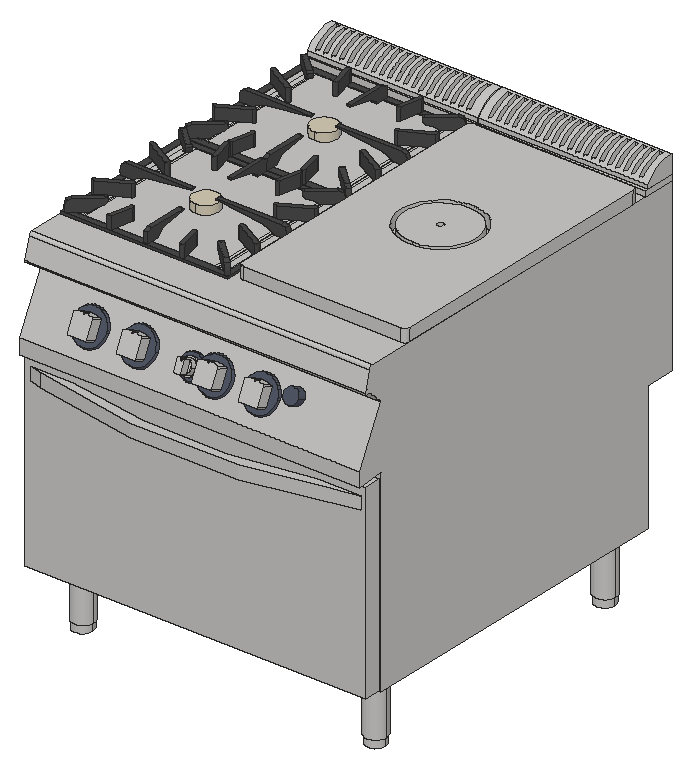
Revit family "QF_ZANUSSI_392020_Z9STGH30G0", category Specialty Equipment, Revit 2018
Family settings
  Round Connector Dimension = Use Diameter
  Part Type = Normal
  Work Plane-Based = No
  Always vertical = Yes
  Cut with Voids When Loaded = No
  Shared = No
  Room Calculation Point = No
Parameters
  Width = 800 mm  # constant formula
  Weight in Pounds = 130  # constant formula
  Weight = 0.00 kg
  Watts = 0 W
  Volts = 0 V
  URL Manufacturer = "http://www.zanussiprofessional.com"
  URL Cutsheet = "www.electrolux.com"
  URL = "http://www.zanussiprofessional.com"
  Type Mark [instance] = ""
  Steam Supply Size = 0"
  Steam Supply Minimum Pressure = 0.00 psi
  Steam Supply Maximum Pressure = 0.00 psi
  Steam Pounds per Hour = 0
  Status [instance] = ""
  Specification by User [instance] = ""
  Specification by Manufacturer = ""
  Show Logo [instance] = yes
  Show Clearance [instance] = yes
  Serial Number = ""
  Seismic Rating = ""
  SMACNA No = ""
  Revision Code [instance] = ""
  Refrigeration Suction Line Size = 0"
  Refrigeration Liquid Line Size = 0"
  Refrigerant Compressor Remote = yes
  Phase = 0
  Omniclass Number and Title = ""
  NAFEM Spec ID Number = ""
  Model = "Z9STGH30G0"
  Mechanical Remarks [instance] = ""
  Mechanical Connection Type [instance] = ""
  Masterspec = ""
  Manufacturer = "Zanussi"
  Length Actual = 800 mm  # constant formula
  Item Number [instance] = "392020"
  Installed By [instance] = ""
  Identify Quantity as Lot [instance] = yes
  Hot Water Size = 0"
  Height Actual = 850 mm  # constant formula
  Height = 909 mm  # constant formula
  HP = "0 HP"
  Gas Size = 12.7 mm  # 1/2"
  Gas RI Height [instance] = 0 mm
  Gas KW [instance] = 30  # constant formula
  Gas Input [instance] = 0.637167 Btu/h
  Gas Connection Height = 0 mm
  Furnished By [instance] = ""
  Foodservice Equipment Identifier [instance] = yes
  Direct Waste Size = 0"
  Description = "GAS SOLID TOP+2 BURNERS+GAS OVEN 800MM"
  Depth Actual = 900 mm  # constant formula
  Depth = 700 mm  # constant formula
  Cycle = 0 Hz
  Condensate Return Size = 0"
  Compressed Air Volume = 0 GPM
  Compressed Air Size = 0"
  Compressed Air Pressure = 0.00 psi
  Cold Water Size = 0"
  CSI MasterFormat = ""
  CSI Master Format = ""
  Assembly Code = ""
  Accessory = yes
Reference planes
  plane 1 "BACK": y = 0
  plane 2: z = 0
  plane 3 "LEFT": x = 0
  plane 4 "RIGHT": x = 800
  plane 5 "FRONT": y = -915
  plane 6 "TOP": z = 908
  plane 7 "Center Y": x = 400
  plane 8 "Center X": y = -457.5
  plane 9 "Base": z = 150
  plane 10: z = 850
  plane 11: y = -126
  plane 12: y = -800
  plane 13: y = -1309
  plane 14: y = -663.871
  plane 15: y = -576
Forms (mm)
  Revolve 1, solid, material "QF_Finishes_Stainless Steel"
    sketch origin (1, -126, 0) x (1, 0, 0) y (0, 0, 1)
      loop
        line (55, 0) -> (55, 150) -> (29.6, 150) -> (29.6, 19.05) -> (32.1, 19.05) -> (32.1, 0) -> (55, 0)
      axis (55, 0) -> (55, 150)
    angle from 0 to 360
  Revolve 2, solid, material "QF_Finishes_Stainless Steel"
    sketch origin (1, -799.458, 0) x (1, 0, 0) y (0, 0, 1)
      loop
        line (55, 0) -> (55, 150) -> (29.6, 150) -> (29.6, 19.05) -> (32.1, 19.05) -> (32.1, 0) -> (55, 0)
      axis (55, 0) -> (55, 150)
    angle from 0 to 360
  Revolve 3, solid, material "QF_Finishes_Stainless Steel"
    sketch origin (799, -126, 0) x (-1, 0, 0) y (0, 0, -1)
      loop
        line (55, 0) -> (32.1, 0) -> (32.1, -19.05) -> (29.6, -19.05) -> (29.6, -150) -> (55, -150) -> (55, 0)
      axis (55, 0) -> (55, -150)
    angle from 0 to 360
  Revolve 4, solid, material "QF_Finishes_Stainless Steel"
    sketch origin (799, -799.458, 0) x (-1, 0, 0) y (0, 0, -1)
      loop
        line (55, 0) -> (32.1, 0) -> (32.1, -19.05) -> (29.6, -19.05) -> (29.6, -150) -> (55, -150) -> (55, 0)
      axis (55, 0) -> (55, -150)
    angle from 0 to 360
  Extrusion 5, solid, material "QF_Finishes_Stainless Steel"
    sketch origin (0, 0, 0) x (0, 1, 0) y (0, 0, 1)
      loop
        line (0, 450.038) -> (0, 850) -> (-879.358, 850)
        arc (-879.358, 850) -> (-884.643, 847.811) -> (-886.833, 842.526) r 7.474
        line (-886.833, 842.526) -> (-899.884, 797.011)
        arc (-899.884, 797.011) -> (-899.396, 794.379) -> (-897, 793.184) r 3
        line (-897, 793.184) -> (-886.802, 793.184) -> (-854.982, 761.364) -> (-915, 640.508) -> (-915, 605.508) -> (-858.645, 613.428)
        arc (-858.645, 613.428) -> (-856.101, 612.674) -> (-855, 610.259) r 3.2
        line (-855, 610.259) -> (-855, 150) -> (-71.437, 150) -> (-71.437, 450.038) -> (0, 450.038)
      loop
        line (-900, 600) -> (-900, 155) -> (-860, 155) -> (-860, 600) -> (-900, 600)
    from 0 to 800
  Extrusion 6, solid, material "QF_Finishes_Stainless Steel"
    sketch origin (0, -199.871, 576.213) x (0, 1, 0) y (0, 0, 1)
      loop
        line (199.871, 273.787) -> (199.871, 288.075) -> (123.671, 288.075) -> (123.671, 273.787) -> (199.871, 273.787)
    from 0 to 800
  Extrusion 7, void
    sketch origin (134.989, 0, 865.138) x (-1, 0, 0) y (0, -1, 0)
      loop
        line (-295.005, 6.761) -> (-285.709, 6.761) -> (-285.709, 63.911) -> (-295.005, 63.911) -> (-295.005, 6.761)
      loop
        line (-313.697, 6.761) -> (-304.401, 6.761) -> (-304.401, 63.911) -> (-313.697, 63.911) -> (-313.697, 6.761)
      loop
        line (-332.39, 6.761) -> (-323.094, 6.761) -> (-323.094, 63.911) -> (-332.39, 63.911) -> (-332.39, 6.761)
      loop
        line (-351.082, 6.761) -> (-341.787, 6.761) -> (-341.787, 63.911) -> (-351.082, 63.911) -> (-351.082, 6.761)
      loop
        line (-369.775, 6.761) -> (-360.479, 6.761) -> (-360.479, 63.911) -> (-369.775, 63.911) -> (-369.775, 6.761)
      loop
        line (-388.468, 6.761) -> (-379.172, 6.761) -> (-379.172, 63.911) -> (-388.468, 63.911) -> (-388.468, 6.761)
      loop
        line (-407.16, 6.761) -> (-397.864, 6.761) -> (-397.864, 63.911) -> (-407.16, 63.911) -> (-407.16, 6.761)
      loop
        line (-425.853, 6.761) -> (-416.557, 6.761) -> (-416.557, 63.911) -> (-425.853, 63.911) -> (-425.853, 6.761)
      loop
        line (-444.545, 6.761) -> (-435.25, 6.761) -> (-435.25, 63.911) -> (-444.545, 63.911) -> (-444.545, 6.761)
      loop
        line (-463.238, 6.761) -> (-453.942, 6.761) -> (-453.942, 63.911) -> (-463.238, 63.911) -> (-463.238, 6.761)
      loop
        line (-481.931, 6.761) -> (-472.635, 6.761) -> (-472.635, 63.911) -> (-481.931, 63.911) -> (-481.931, 6.761)
      loop
        line (-500.623, 6.761) -> (-491.328, 6.761) -> (-491.328, 63.911) -> (-500.623, 63.911) -> (-500.623, 6.761)
      loop
        line (-519.316, 6.761) -> (-510.02, 6.761) -> (-510.02, 63.911) -> (-519.316, 63.911) -> (-519.316, 6.761)
      loop
        line (-538.008, 6.761) -> (-528.713, 6.761) -> (-528.713, 63.911) -> (-538.008, 63.911) -> (-538.008, 6.761)
      loop
        line (-556.701, 6.761) -> (-547.405, 6.761) -> (-547.405, 63.911) -> (-556.701, 63.911) -> (-556.701, 6.761)
      loop
        line (-575.394, 6.761) -> (-566.098, 6.761) -> (-566.098, 63.911) -> (-575.394, 63.911) -> (-575.394, 6.761)
      loop
        line (-594.086, 6.761) -> (-584.791, 6.761) -> (-584.791, 63.911) -> (-594.086, 63.911) -> (-594.086, 6.761)
      loop
        line (-612.779, 6.761) -> (-603.483, 6.761) -> (-603.483, 63.911) -> (-612.779, 63.911) -> (-612.779, 6.761)
      loop
        line (-631.472, 6.761) -> (-622.176, 6.761) -> (-622.176, 63.911) -> (-631.472, 63.911) -> (-631.472, 6.761)
      loop
        line (-650.164, 6.761) -> (-640.868, 6.761) -> (-640.868, 63.911) -> (-650.164, 63.911) -> (-650.164, 6.761)
    from 9.525 to 45.348
  Extrusion 8, solid, material "QF_Finishes_Stainless Steel"
    sketch origin (0, 0, 590.5) x (0, 1, 0) y (0, 0, 1)
      loop
        line (0, 273.788) -> (0, 317.5)
        arc (0, 317.5) -> (-39.072, 308.879) -> (-69.85, 283.313) r 84.854
        line (-69.85, 283.313) -> (-69.85, 273.788) -> (0, 273.788)
    from 400 to 800
  Extrusion 9, solid, material "QF_Finishes_Stainless Steel"
    sketch origin (0, -852.093, 150) x (1, 0, 0) y (0, -1, 0)
      loop
        circle (747.612, -188.222) r 6.4
    from 0 to 21
  Extrusion 10, solid, material "QF_Clearances", visible <- "Show Clearance", detail levels coarse
    sketch origin (0, -199.871, 0) x (1, 0, 0) y (0, 1, 0)
      loop
        line (-100, -715.129) -> (0, -715.129) -> (0, 199.871) -> (800, 199.871) -> (800, -715.129) -> (900, -715.129) -> (900, 299.871) -> (-100, 299.871) -> (-100, -715.129)
    from 0 to 908.85
  Extrusion 11, solid, material "QF_Finishes_Stainless Steel"
    sketch origin (17.4, -199.871, 850.85) x (0, -1, 0) y (1, 0, 0)
      loop
        arc (-99.871, 401.6) -> (-96.151, 392.62) -> (-87.171, 388.9) r 12.7
        line (-87.171, 388.9) -> (568.629, 388.9)
        arc (568.629, 388.9) -> (577.609, 392.62) -> (581.329, 401.6) r 12.7
        line (581.329, 401.6) -> (581.329, 769.9)
        arc (581.329, 769.9) -> (577.609, 778.88) -> (568.629, 782.6) r 12.7
        line (568.629, 782.6) -> (-87.171, 782.6)
        arc (-87.171, 782.6) -> (-96.151, 778.88) -> (-99.871, 769.9) r 12.7
        line (-99.871, 769.9) -> (-99.871, 401.6)
      loop
        circle (233.229, 585.75) r 82.55
      loop
        circle (233.229, 585.75) r 7
      loop
        arc (170.513, 654.365) -> (166.164, 650.514) -> (162.062, 646.399) r 93.382
        arc (162.062, 646.399) -> (199.866, 498.594) -> (325.801, 584.71) r 93.112
        arc (325.801, 584.71) -> (271.009, 670.485) -> (170.513, 654.365) r 92.763
    from 0 to 28.575
  Extrusion 12, solid, material "QF_Finishes_Stainless Steel"
    sketch origin (0, -852.093, 150) x (1, 0, 0) y (0, -1, 0)
      loop
        circle (757, -276.093) r 12.7
    from 0 to 21
  Extrusion 13, void
    sketch origin (665.011, 0, 865.138) x (1, 0, 0) y (0, 1, 0)
      loop
        line (-295.005, -6.761) -> (-295.005, -63.911) -> (-285.709, -63.911) -> (-285.709, -6.761) -> (-295.005, -6.761)
      loop
        line (-313.697, -6.761) -> (-313.697, -63.911) -> (-304.401, -63.911) -> (-304.401, -6.761) -> (-313.697, -6.761)
      loop
        line (-332.39, -6.761) -> (-332.39, -63.911) -> (-323.094, -63.911) -> (-323.094, -6.761) -> (-332.39, -6.761)
      loop
        line (-351.082, -6.761) -> (-351.082, -63.911) -> (-341.787, -63.911) -> (-341.787, -6.761) -> (-351.082, -6.761)
      loop
        line (-369.775, -6.761) -> (-369.775, -63.911) -> (-360.479, -63.911) -> (-360.479, -6.761) -> (-369.775, -6.761)
      loop
        line (-388.468, -6.761) -> (-388.468, -63.911) -> (-379.172, -63.911) -> (-379.172, -6.761) -> (-388.468, -6.761)
      loop
        line (-407.16, -6.761) -> (-407.16, -63.911) -> (-397.864, -63.911) -> (-397.864, -6.761) -> (-407.16, -6.761)
      loop
        line (-425.853, -6.761) -> (-425.853, -63.911) -> (-416.557, -63.911) -> (-416.557, -6.761) -> (-425.853, -6.761)
      loop
        line (-444.545, -6.761) -> (-444.545, -63.911) -> (-435.25, -63.911) -> (-435.25, -6.761) -> (-444.545, -6.761)
      loop
        line (-463.238, -6.761) -> (-463.238, -63.911) -> (-453.942, -63.911) -> (-453.942, -6.761) -> (-463.238, -6.761)
      loop
        line (-481.931, -6.761) -> (-481.931, -63.911) -> (-472.635, -63.911) -> (-472.635, -6.761) -> (-481.931, -6.761)
      loop
        line (-500.623, -6.761) -> (-500.623, -63.911) -> (-491.328, -63.911) -> (-491.328, -6.761) -> (-500.623, -6.761)
      loop
        line (-519.316, -6.761) -> (-519.316, -63.911) -> (-510.02, -63.911) -> (-510.02, -6.761) -> (-519.316, -6.761)
      loop
        line (-538.008, -6.761) -> (-538.008, -63.911) -> (-528.713, -63.911) -> (-528.713, -6.761) -> (-538.008, -6.761)
      loop
        line (-556.701, -6.761) -> (-556.701, -63.911) -> (-547.405, -63.911) -> (-547.405, -6.761) -> (-556.701, -6.761)
      loop
        line (-575.394, -6.761) -> (-575.394, -63.911) -> (-566.098, -63.911) -> (-566.098, -6.761) -> (-575.394, -6.761)
      loop
        line (-594.086, -6.761) -> (-594.086, -63.911) -> (-584.791, -63.911) -> (-584.791, -6.761) -> (-594.086, -6.761)
      loop
        line (-612.779, -6.761) -> (-612.779, -63.911) -> (-603.483, -63.911) -> (-603.483, -6.761) -> (-612.779, -6.761)
      loop
        line (-631.472, -6.761) -> (-631.472, -63.911) -> (-622.176, -63.911) -> (-622.176, -6.761) -> (-631.472, -6.761)
      loop
        line (-650.164, -6.761) -> (-650.164, -63.911) -> (-640.868, -63.911) -> (-640.868, -6.761) -> (-650.164, -6.761)
    from 9.525 to 45.348
  Extrusion 14, solid, material "QF_Finishes_Stainless Steel"
    sketch origin (800, 0, 590.5) x (0, 1, 0) y (0, 0, -1)
      loop
        line (0, -273.788) -> (-69.85, -273.788) -> (-69.85, -283.313)
        arc (-69.85, -283.313) -> (-39.072, -308.879) -> (0, -317.5) r 84.854
        line (0, -317.5) -> (0, -273.788)
    from 400 to 800
  Blend 15, solid, material "QF_Finishes_Navy Blue"
    base sketch origin (435.05, -884.991, 700.936) x (1, 0, 0) y (0, 0.444781, 0.895639)
      loop
        arc (-35.05, -24.037) -> (42.5, 0) -> (-35.05, 24.037) r 42.5
        arc (-35.05, 24.037) -> (-83, 0) -> (-35.05, -24.037) r 30
    top sketch origin (435.05, -884.991, 700.936) x (1, 0, 0) y (0, 0.444781, 0.895639)
      loop
        arc (-34.578, -21.086) -> (40.5, 0) -> (-34.578, 21.086) r 40.5
        arc (-34.578, 21.086) -> (-81, 0) -> (-34.578, -21.086) r 28
    from 0 to 5
  Extrusion 16, solid, material "QF_Finishes_Stainless Steel"
    sketch origin (202.55, -884.991, 700.936) x (1, 0, 0) y (0, 0.444781, 0.895639)
      loop
        circle (177.499, -0.341) r 20
    from 5 to 10
  Extrusion 17, solid, material "QF_Finishes_Stainless Steel"
    sketch origin (202.55, -884.991, 700.936) x (1, 0, 0) y (0, 0.444781, 0.895639)
      loop
        arc (211.353, 22.789) -> (210.006, 21.685) -> (209.5, 20.019) r 2.997
        line (209.5, 20.019) -> (209.5, -20.019)
        arc (209.5, -20.019) -> (210.378, -22.138) -> (212.497, -23.016) r 2.997
        line (212.497, -23.016) -> (252.503, -23.016)
        arc (252.503, -23.016) -> (254.622, -22.138) -> (255.5, -20.019) r 2.997
        line (255.5, -20.019) -> (255.5, 20.019)
        arc (255.5, 20.019) -> (254.994, 21.685) -> (253.647, 22.789) r 2.997
        arc (253.647, 22.789) -> (232.5, 26.984) -> (211.353, 22.789) r 55.4
    from 5 to 34
  Extrusion 18, solid, material "QF_Finishes_Stainless Steel"
    sketch origin (202.55, -884.991, 700.936) x (1, 0, 0) y (0, 0.444781, 0.895639)
      loop
        circle (177.499, -0.341) r 16
    from 10 to 40
  Extrusion 19, void
    sketch origin (435.05, -884.991, 700.936) x (1, 0, 0) y (0, -0.895639, 0.444781)
      loop
        line (-62.999, 24.837) -> (-62.999, 40) -> (-71.893, 40) -> (-71.893, 22) -> (-65.835, 22)
        arc (-65.835, 22) -> (-63.827, 22.828) -> (-62.999, 24.837) r 2.827
      loop
        arc (-47.003, 24.837) -> (-46.175, 22.828) -> (-44.167, 22) r 2.827
        line (-44.167, 22) -> (-38.109, 22) -> (-38.109, 40) -> (-47.003, 40) -> (-47.003, 24.837)
    from -20.019 to 20.019
  Extrusion 20, solid, material "QF_Plastic-Black-Matte"
    sketch origin (492.55, -884.991, 700.936) x (0, 0.444781, 0.895639) y (0, -0.895639, 0.444781)
      loop
        line (26.984, 34) -> (26.984, 19) -> (27.984, 19) -> (27.984, 34)
        arc (27.984, 34) -> (27.691, 34.707) -> (26.984, 35) r 1
        line (26.984, 35) -> (23.984, 35) -> (23.984, 34) -> (26.984, 34)
    from -58.5 to -56.5
  Extrusion 21, solid, material "QF_Plastic-Black-Matte"
    sketch origin (380.048, -1018.425, 432.244) x (0, -0.444781, -0.895639) y (0, -0.895639, 0.444781)
      loop
        line (-310.284, 39.984) -> (-310.284, 40.984) -> (-312.9, 40.984)
        arc (-312.9, 40.984) -> (-315.562, 39.882) -> (-316.664, 37.22) r 3.764
        line (-316.664, 37.22) -> (-316.664, 25.027) -> (-315.664, 25.027) -> (-315.664, 37.22)
        arc (-315.664, 37.22) -> (-314.855, 39.175) -> (-312.9, 39.984) r 2.764
        line (-312.9, 39.984) -> (-310.284, 39.984)
    from 1 to -1
  Extrusion 22, solid, material "QF_Finishes_Navy Blue"
    sketch origin (677.524, -876.095, 718.849) x (1, 0, 0) y (0, 0.444781, 0.895639)
      loop
        circle (-55.001, 0) r 18
    from 3 to 23
  Extrusion 23, solid, material "QF_Finishes_Stainless Steel"
    sketch origin (538.523, -876.095, 718.849) x (1, 0, 0) y (0, 0.444781, 0.895639)
      loop
        circle (84, 0) r 15
    from 3 to 0
  Blend 24, solid, material "QF_Finishes_Navy Blue"
    base sketch origin (142.5, -884.991, 700.936) x (1, 0, 0) y (0, 0.444781, 0.895639)
      loop
        circle (0, 0) r 42.5
    top sketch origin (142.5, -884.991, 700.936) x (1, 0, 0) y (0, 0.444781, 0.895639)
      loop
        circle (0, 0) r 40.5
    from 0 to 5
  Extrusion 25, solid, material "QF_Finishes_Stainless Steel"
    sketch origin (142.5, -884.991, 700.936) x (1, 0, 0) y (0, 0.444781, 0.895639)
      loop
        arc (-21.147, 22.789) -> (-22.494, 21.685) -> (-23, 20.019) r 2.997
        line (-23, 20.019) -> (-23, -20.019)
        arc (-23, -20.019) -> (-22.122, -22.138) -> (-20.003, -23.016) r 2.997
        line (-20.003, -23.016) -> (20.003, -23.016)
        arc (20.003, -23.016) -> (22.122, -22.138) -> (23, -20.019) r 2.997
        line (23, -20.019) -> (23, 20.019)
        arc (23, 20.019) -> (22.494, 21.685) -> (21.147, 22.789) r 2.997
        arc (21.147, 22.789) -> (0, 26.984) -> (-21.147, 22.789) r 55.4
    from 10 to 34
  Extrusion 26, solid, material "QF_Plastic-Black-Matte"
    sketch origin (200, -884.991, 700.936) x (0, 0.444781, 0.895639) y (0, -0.895639, 0.444781)
      loop
        line (26.984, 34) -> (26.984, 19) -> (27.984, 19) -> (27.984, 34)
        arc (27.984, 34) -> (27.691, 34.707) -> (26.984, 35) r 1
        line (26.984, 35) -> (23.984, 35) -> (23.984, 34) -> (26.984, 34)
    from -58.5 to -56.5
  Extrusion 27, solid, material "QF_Finishes_Stainless Steel"
    sketch origin (142.5, -884.991, 700.936) x (1, 0, 0) y (0, 0.444781, 0.895639)
      loop
        line (17.5, 17.5) -> (-17.5, 17.5) -> (-17.5, -17.5) -> (17.5, -17.5) -> (17.5, 17.5)
    from 5 to 10
  Extrusion 28, solid, material "QF_Plastic-Black-Matte"
    sketch origin (200, -884.991, 700.936) x (0, 0.444781, 0.895639) y (0, 0.895639, -0.444781)
      loop
        line (26.984, -34) -> (23.984, -34) -> (23.984, -35) -> (26.984, -35)
        arc (26.984, -35) -> (27.691, -34.707) -> (27.984, -34) r 1
        line (27.984, -34) -> (27.984, -19) -> (26.984, -19) -> (26.984, -34)
    from -58.5 to -56.5
  Extrusion 29, solid, material "QF_Finishes_Stainless Steel"
    sketch origin (257.5, -884.991, 700.936) x (-1, 0, 0) y (0, -0.444781, -0.895639)
      loop
        line (17.5, -17.5) -> (17.5, 17.5) -> (-17.5, 17.5) -> (-17.5, -17.5) -> (17.5, -17.5)
    from 5 to 10
  Blend 30, solid, material "QF_Finishes_Navy Blue"
    base sketch origin (257.5, -884.991, 700.936) x (1, 0, 0) y (0, 0.444781, 0.895639)
      loop
        circle (0, 0) r 42.5
    top sketch origin (257.5, -884.991, 700.936) x (1, 0, 0) y (0, 0.444781, 0.895639)
      loop
        circle (0, 0) r 40.5
    from 0 to 5
  Extrusion 31, solid, material "QF_Finishes_Stainless Steel"
    sketch origin (257.5, -884.991, 700.936) x (-1, 0, 0) y (0, -0.444781, -0.895639)
      loop
        arc (-21.147, -22.789) -> (0, -26.984) -> (21.147, -22.789) r 55.4
        arc (21.147, -22.789) -> (22.494, -21.685) -> (23, -20.019) r 2.997
        line (23, -20.019) -> (23, 20.019)
        arc (23, 20.019) -> (22.122, 22.138) -> (20.003, 23.016) r 2.997
        line (20.003, 23.016) -> (-20.003, 23.016)
        arc (-20.003, 23.016) -> (-22.122, 22.138) -> (-23, 20.019) r 2.997
        line (-23, 20.019) -> (-23, -20.019)
        arc (-23, -20.019) -> (-22.494, -21.685) -> (-21.147, -22.789) r 2.997
    from 10 to 34
  Extrusion 32, solid, material "QF_Finishes_Stainless Steel"
    sketch origin (0, -1051.437, 140.616) x (1, 0, 0) y (0, -1, 0)
      loop
        circle (757.1, -277.437) r 6.4
    from 0 to 3.2
  Extrusion 33, solid, material "QF_Finishes_Door Clearance", visible <- "Show Clearance", detail levels coarse
    sketch origin (0, -200, 0) x (0, 1, 0) y (0, 0, 1)
      loop
        arc (-700, 600) -> (-991.621, 457.58) -> (-1108.972, 155) r 445
        line (-1108.972, 155) -> (-700, 155) -> (-700, 600)
    from 0 to 800
  Extrusion 34, solid, material "QF_Finishes_Stainless Steel"
    sketch origin (0, -200, 150) x (-1, 0, 0) y (0, -1, 0)
      loop
        line (-790, 700) -> (-696.395, 700)
        arc (-696.395, 700) -> (-400, 735) -> (-103.605, 700) r 1272.5
        line (-103.605, 700) -> (-10, 700)
        arc (-10, 700) -> (-27.217, 705.295) -> (-44.506, 710.35) r 1297.5
        arc (-44.506, 710.35) -> (-418.013, 759.875) -> (-790, 700) r 1297.5
    from 400 to 430
  Blend 35, solid, material "QF_Finishes_Navy Blue"
    base sketch origin (544.55, -884.991, 700.936) x (1, 0, 0) y (0, 0.444781, 0.895639)
      loop
        circle (0, 0) r 42.5
    top sketch origin (544.55, -884.991, 700.936) x (1, 0, 0) y (0, 0.444781, 0.895639)
      loop
        circle (0, 0) r 40.5
    from 0 to 5
  Extrusion 36, solid, material "QF_Finishes_Stainless Steel"
    sketch origin (544.55, -884.991, 700.936) x (1, 0, 0) y (0, 0.444781, 0.895639)
      loop
        arc (-21.147, 22.789) -> (-22.494, 21.685) -> (-23, 20.019) r 2.997
        line (-23, 20.019) -> (-23, -20.019)
        arc (-23, -20.019) -> (-22.122, -22.138) -> (-20.003, -23.016) r 2.997
        line (-20.003, -23.016) -> (20.003, -23.016)
        arc (20.003, -23.016) -> (22.122, -22.138) -> (23, -20.019) r 2.997
        line (23, -20.019) -> (23, 20.019)
        arc (23, 20.019) -> (22.494, 21.685) -> (21.147, 22.789) r 2.997
        arc (21.147, 22.789) -> (0, 26.984) -> (-21.147, 22.789) r 55.4
    from 10 to 34
  Extrusion 37, solid, material "QF_Plastic-Black-Matte"
    sketch origin (602.05, -884.991, 700.936) x (0, 0.444781, 0.895639) y (0, -0.895639, 0.444781)
      loop
        line (26.984, 34) -> (26.984, 19) -> (27.984, 19) -> (27.984, 34)
        arc (27.984, 34) -> (27.691, 34.707) -> (26.984, 35) r 1
        line (26.984, 35) -> (23.984, 35) -> (23.984, 34) -> (26.984, 34)
    from -58.5 to -56.5
  Extrusion 38, solid, material "QF_Finishes_Stainless Steel"
    sketch origin (544.55, -884.991, 700.936) x (1, 0, 0) y (0, 0.444781, 0.895639)
      loop
        line (17.5, 17.5) -> (-17.5, 17.5) -> (-17.5, -17.5) -> (17.5, -17.5) -> (17.5, 17.5)
    from 5 to 10
Cuts and joins
  Extrusion 7, Extrusion 13 cuts Extrusion 8
  Extrusion 13 cuts Extrusion 14
  Extrusion 19 cuts Extrusion 18
Lines and regions (mm)
  Split face 1
    outline origin (435.05, -889.469, 703.16) x (1, 0, 0) y (0, 0.444781, 0.895639)
      loop
        circle (0, 33) r 1
  Split face 2
    outline origin (435.05, -889.469, 703.16) x (1, 0, 0) y (0, 0.444781, 0.895639)
      loop
        circle (-8.541, 31.876) r 1
  Split face 3
    outline origin (435.05, -889.469, 703.16) x (1, 0, 0) y (0, 0.444781, 0.895639)
      loop
        circle (-16.5, 28.579) r 1
  Split face 4
    outline origin (435.05, -889.469, 703.16) x (1, 0, 0) y (0, 0.444781, 0.895639)
      loop
        circle (-23.335, 23.335) r 1
  Split face 5
    outline origin (435.05, -889.469, 703.16) x (1, 0, 0) y (0, 0.444781, 0.895639)
      loop
        circle (-28.579, 16.5) r 1
  Split face 6
    outline origin (435.05, -889.469, 703.16) x (1, 0, 0) y (0, 0.444781, 0.895639)
      loop
        circle (-31.876, 8.541) r 1
  Split face 7
    outline origin (435.05, -889.469, 703.16) x (1, 0, 0) y (0, 0.444781, 0.895639)
      loop
        circle (-33, 0) r 1
  Split face 8
    outline origin (435.05, -889.469, 703.16) x (-1, 0, 0) y (0, 0.444781, 0.895639)
      loop
        circle (-8.541, 31.876) r 1
  Split face 9
    outline origin (435.05, -889.469, 703.16) x (-1, 0, 0) y (0, 0.444781, 0.895639)
      loop
        circle (-16.5, 28.579) r 1
  Split face 10
    outline origin (435.05, -889.469, 703.16) x (-1, 0, 0) y (0, 0.444781, 0.895639)
      loop
        circle (-23.335, 23.335) r 1
  Split face 11
    outline origin (435.05, -889.469, 703.16) x (-1, 0, 0) y (0, 0.444781, 0.895639)
      loop
        circle (-28.579, 16.5) r 1
  Split face 12
    outline origin (435.05, -889.469, 703.16) x (-1, 0, 0) y (0, 0.444781, 0.895639)
      loop
        circle (-31.876, 8.541) r 1
  Split face 13
    outline origin (435.05, -889.469, 703.16) x (1, 0, 0) y (0, -0.444781, -0.895639)
      loop
        circle (0, 33) r 1
  Split face 14
    outline origin (435.05, -889.469, 703.16) x (1, 0, 0) y (0, -0.444781, -0.895639)
      loop
        circle (-8.541, 31.876) r 1
  Split face 15
    outline origin (435.05, -889.469, 703.16) x (1, 0, 0) y (0, -0.444781, -0.895639)
      loop
        circle (-16.5, 28.579) r 1
  Split face 16
    outline origin (435.05, -889.469, 703.16) x (1, 0, 0) y (0, -0.444781, -0.895639)
      loop
        circle (-23.335, 23.335) r 1
  Split face 17
    outline origin (435.05, -889.469, 703.16) x (1, 0, 0) y (0, -0.444781, -0.895639)
      loop
        circle (-28.579, 16.5) r 1
  Split face 18
    outline origin (435.05, -889.469, 703.16) x (1, 0, 0) y (0, -0.444781, -0.895639)
      loop
        circle (-31.876, 8.541) r 1
  Split face 19
    outline origin (435.05, -889.469, 703.16) x (-1, 0, 0) y (0, -0.444781, -0.895639)
      loop
        circle (-8.541, 31.876) r 1
  Split face 20
    outline origin (435.05, -889.469, 703.16) x (-1, 0, 0) y (0, -0.444781, -0.895639)
      loop
        circle (-16.5, 28.579) r 1
  Split face 21
    outline origin (435.05, -889.469, 703.16) x (-1, 0, 0) y (0, -0.444781, -0.895639)
      loop
        circle (-23.335, 23.335) r 1
  Split face 22
    outline origin (435.05, -889.469, 703.16) x (-1, 0, 0) y (0, -0.444781, -0.895639)
      loop
        circle (-28.579, 16.5) r 1
  Split face 23
    outline origin (435.05, -889.469, 703.16) x (-1, 0, 0) y (0, -0.444781, -0.895639)
      loop
        circle (-31.876, 8.541) r 1
  Split face 24
    outline origin (435.05, -889.469, 703.16) x (1, 0, 0) y (0, 0.444781, 0.895639)
      loop
        circle (33, 0) r 1
  Split face 25
    outline origin (435.05, -889.469, 703.16) x (1, 0, 0) y (0, 0.444781, 0.895639)
      loop
        circle (-55.001, 22) r 1.508
  Split face 26
    outline origin (436.176, -885.216, 711.725) x (1, 0, 0) y (0, 0.444781, 0.895639)
      loop
        circle (-77.001, 0) r 1.343
  Split face 27
    outline origin (435.05, -889.469, 703.16) x (1, 0, 0) y (0, 0.444781, 0.895639)
      loop
        line (-56.273, -20.786) -> (-56.273, -25.164) -> (-53.729, -25.164) -> (-53.729, -20.786) -> (-56.273, -20.786)
  Split face 28
    outline origin (435.05, -889.469, 703.16) x (1, 0, 0) y (0, 0.444781, 0.895639)
      loop
        line (-70.261, 16.732) -> (-67.433, 19.559) -> (-71.077, 17.548) -> (-70.261, 16.732)
  Split face 29
    outline origin (142.5, -889.469, 703.16) x (1, 0, 0) y (0, 0.444781, 0.895639)
      loop
        circle (-33, 0) r 3
  Split face 30
    outline origin (263.401, -889.469, 703.16) x (1, 0, 0) y (0, 0.444781, 0.895639)
      loop
        line (-8.901, 38.561) -> (-8.901, 28.561) -> (-2.901, 28.561) -> (-2.901, 38.561) -> (-8.901, 38.561)
  Split face 31
    outline origin (263.401, -889.469, 703.16) x (1, 0, 0) y (0, 0.444781, 0.895639)
      loop
        line (-8.401, 38.061) -> (-8.401, 29.061) -> (-3.401, 29.061) -> (-3.401, 38.061) -> (-8.401, 38.061)
  Split face 32
    outline origin (263.401, -889.469, 703.16) x (1, 0, 0) y (0, 0.444781, 0.895639)
      loop
        line (-8.401, 33.561) -> (-3.401, 33.561)
  Split face 33
    outline origin (263.401, -889.469, 703.16) x (1, 0, 0) y (0, 0.444781, 0.895639)
      loop
        line (-8.401, 33.061) -> (-3.401, 33.061)
  Split face 34
    outline origin (148.401, -889.469, 703.16) x (1, 0, 0) y (0, 0.444781, 0.895639)
      loop
        line (-8.901, 38.561) -> (-8.901, 28.561) -> (-2.901, 28.561) -> (-2.901, 38.561) -> (-8.901, 38.561)
  Split face 35
    outline origin (148.401, -889.469, 703.16) x (1, 0, 0) y (0, 0.444781, 0.895639)
      loop
        line (-8.401, 38.061) -> (-8.401, 29.061) -> (-3.401, 29.061) -> (-3.401, 38.061) -> (-8.401, 38.061)
  Split face 36
    outline origin (148.401, -889.469, 703.16) x (1, 0, 0) y (0, 0.444781, 0.895639)
      loop
        line (-8.401, 34.061) -> (-3.401, 34.061)
  Split face 37
    outline origin (148.401, -889.469, 703.16) x (1, 0, 0) y (0, 0.444781, 0.895639)
      loop
        line (-8.401, 33.561) -> (-3.401, 33.561)
  Split face 38
    outline origin (168.157, -875.159, 731.975) x (-1, 0, 0) y (0, -0.444781, -0.895639)
      loop
        circle (43.456, 61.543) r 1.5
  Split face 39
    outline origin (148.401, -889.469, 703.16) x (1, 0, 0) y (0, 0.444781, 0.895639)
      loop
        circle (-5.901, 31.311) r 2.029
  Split face 40
    outline origin (263.401, -889.469, 703.16) x (1, 0, 0) y (0, 0.444781, 0.895639)
      loop
        circle (-5.901, 35.811) r 2.031
  Split face 41
    outline origin (142.5, -889.469, 703.16) x (1, 0, 0) y (0, 0.444781, 0.895639)
      loop
        circle (-24.487, 26.694) r 3.497
  Split face 42
    outline origin (257.5, -889.469, 703.16) x (1, 0, 0) y (0, 0.444781, 0.895639)
      loop
        circle (-24.487, 26.694) r 3.497
  Split face 43
    outline origin (257.5, -889.469, 703.16) x (1, 0, 0) y (0, 0.444781, 0.895639)
      loop
        circle (-33, 0) r 3
  Split face 44
    outline origin (257.5, -889.469, 703.16) x (1, 0, 0) y (0, 0.444781, 0.895639)
      loop
        circle (-17.8, -29.371) r 1.5
  Split face 45
    outline origin (544.55, -889.469, 703.16) x (1, 0, 0) y (0, 0.444781, 0.895639)
      loop
        circle (-33, 0) r 3
  Split face 46
    outline origin (550.45, -889.469, 703.16) x (1, 0, 0) y (0, 0.444781, 0.895639)
      loop
        line (-8.901, 38.561) -> (-8.901, 28.561) -> (-2.901, 28.561) -> (-2.901, 38.561) -> (-8.901, 38.561)
  Split face 47
    outline origin (550.45, -889.469, 703.16) x (1, 0, 0) y (0, 0.444781, 0.895639)
      loop
        line (-8.401, 38.061) -> (-8.401, 29.061) -> (-3.401, 29.061) -> (-3.401, 38.061) -> (-8.401, 38.061)
  Split face 48
    outline origin (550.45, -889.469, 703.16) x (1, 0, 0) y (0, 0.444781, 0.895639)
      loop
        line (-8.401, 34.061) -> (-3.401, 34.061)
  Split face 49
    outline origin (550.45, -889.469, 703.16) x (1, 0, 0) y (0, 0.444781, 0.895639)
      loop
        line (-8.401, 33.561) -> (-3.401, 33.561)
  Split face 50
    outline origin (570.206, -875.159, 731.975) x (-1, 0, 0) y (0, -0.444781, -0.895639)
      loop
        circle (43.456, 61.543) r 1.5
  Split face 51
    outline origin (550.45, -889.469, 703.16) x (1, 0, 0) y (0, 0.444781, 0.895639)
      loop
        circle (-5.901, 31.311) r 2.029
  Split face 52
    outline origin (544.55, -889.469, 703.16) x (1, 0, 0) y (0, 0.444781, 0.895639)
      loop
        circle (-24.487, 26.694) r 3.497
  symbolic lines, style "QF_Door-Drawer Clearances"
    curve 1: line (0, -915, 150) -> (0, -1308.871, 150)
    curve 2: line (0, -1308.871, 150) -> (800, -1308.871, 150)
    curve 3: line (800, -1308.871, 150) -> (800, -915, 150)
  symbolic lines
    curve 4: line (0, 0, 150) -> (0, -915, 150)
    curve 5: line (0, -69.85, 150) -> (800, -69.85, 150)
    curve 6: line (0, -76.2, 150) -> (800, -76.2, 150)
    curve 7: line (800, -915, 150) -> (800, 0, 150)
    curve 8: line (0, 0, 150) -> (800, 0, 150)
    curve 9: line (429.994, -6.761, 150) -> (429.994, -63.911, 150)
    curve 10: line (429.994, -63.911, 150) -> (420.698, -63.911, 150)
    curve 11: line (420.698, -63.911, 150) -> (420.698, -6.761, 150)
    curve 12: line (420.698, -6.761, 150) -> (429.994, -6.761, 150)
    curve 13: line (635.612, -6.761, 150) -> (635.612, -63.911, 150)
    curve 14: line (635.612, -63.911, 150) -> (626.317, -63.911, 150)
    curve 15: line (626.317, -63.911, 150) -> (626.317, -6.761, 150)
    curve 16: line (626.317, -6.761, 150) -> (635.612, -6.761, 150)
    curve 17: line (616.92, -6.761, 150) -> (616.92, -63.911, 150)
    curve 18: line (616.92, -63.911, 150) -> (607.624, -63.911, 150)
    curve 19: line (607.624, -63.911, 150) -> (607.624, -6.761, 150)
    curve 20: line (607.624, -6.761, 150) -> (616.92, -6.761, 150)
    curve 21: line (598.227, -6.761, 150) -> (598.227, -63.911, 150)
    curve 22: line (598.227, -63.911, 150) -> (588.931, -63.911, 150)
    curve 23: line (588.931, -63.911, 150) -> (588.931, -6.761, 150)
    curve 24: line (588.931, -6.761, 150) -> (598.227, -6.761, 150)
    curve 25: line (579.534, -6.761, 150) -> (579.534, -63.911, 150)
    curve 26: line (579.534, -63.911, 150) -> (570.239, -63.911, 150)
    curve 27: line (570.239, -63.911, 150) -> (570.239, -6.761, 150)
    curve 28: line (570.239, -6.761, 150) -> (579.534, -6.761, 150)
    curve 29: line (560.842, -6.761, 150) -> (560.842, -63.911, 150)
    curve 30: line (560.842, -63.911, 150) -> (551.546, -63.911, 150)
    curve 31: line (551.546, -63.911, 150) -> (551.546, -6.761, 150)
    curve 32: line (551.546, -6.761, 150) -> (560.842, -6.761, 150)
    curve 33: line (542.149, -6.761, 150) -> (542.149, -63.911, 150)
    curve 34: line (542.149, -63.911, 150) -> (532.854, -63.911, 150)
    curve 35: line (532.854, -63.911, 150) -> (532.854, -6.761, 150)
    curve 36: line (532.854, -6.761, 150) -> (542.149, -6.761, 150)
    curve 37: line (523.457, -6.761, 150) -> (523.457, -63.911, 150)
    curve 38: line (523.457, -63.911, 150) -> (514.161, -63.911, 150)
    curve 39: line (514.161, -63.911, 150) -> (514.161, -6.761, 150)
    curve 40: line (514.161, -6.761, 150) -> (523.457, -6.761, 150)
    curve 41: line (504.764, -6.761, 150) -> (504.764, -63.911, 150)
    curve 42: line (504.764, -63.911, 150) -> (495.468, -63.911, 150)
    curve 43: line (495.468, -63.911, 150) -> (495.468, -6.761, 150)
    curve 44: line (495.468, -6.761, 150) -> (504.764, -6.761, 150)
    curve 45: line (486.071, -6.761, 150) -> (486.071, -63.911, 150)
    curve 46: line (486.071, -63.911, 150) -> (476.776, -63.911, 150)
    curve 47: line (476.776, -63.911, 150) -> (476.776, -6.761, 150)
    curve 48: line (476.776, -6.761, 150) -> (486.071, -6.761, 150)
    curve 49: line (467.379, -6.761, 150) -> (467.379, -63.911, 150)
    curve 50: line (467.379, -63.911, 150) -> (458.083, -63.911, 150)
    curve 51: line (458.083, -63.911, 150) -> (458.083, -6.761, 150)
    curve 52: line (458.083, -6.761, 150) -> (467.379, -6.761, 150)
    curve 53: line (448.686, -6.761, 150) -> (448.686, -63.911, 150)
    curve 54: line (448.686, -63.911, 150) -> (439.39, -63.911, 150)
    curve 55: line (439.39, -63.911, 150) -> (439.39, -6.761, 150)
    curve 56: line (439.39, -6.761, 150) -> (448.686, -6.761, 150)
    curve 57: line (785.153, -6.761, 150) -> (785.153, -63.911, 150)
    curve 58: line (785.153, -63.911, 150) -> (775.857, -63.911, 150)
    curve 59: line (775.857, -63.911, 150) -> (775.857, -6.761, 150)
    curve 60: line (775.857, -6.761, 150) -> (785.153, -6.761, 150)
    curve 61: line (766.461, -6.761, 150) -> (766.461, -63.911, 150)
    curve 62: line (766.461, -63.911, 150) -> (757.165, -63.911, 150)
    curve 63: line (757.165, -63.911, 150) -> (757.165, -6.761, 150)
    curve 64: line (757.165, -6.761, 150) -> (766.461, -6.761, 150)
    curve 65: line (747.768, -6.761, 150) -> (747.768, -63.911, 150)
    curve 66: line (747.768, -63.911, 150) -> (738.472, -63.911, 150)
    curve 67: line (738.472, -63.911, 150) -> (738.472, -6.761, 150)
    curve 68: line (738.472, -6.761, 150) -> (747.768, -6.761, 150)
    curve 69: line (729.075, -6.761, 150) -> (729.075, -63.911, 150)
    curve 70: line (729.075, -63.911, 150) -> (719.78, -63.911, 150)
    curve 71: line (719.78, -63.911, 150) -> (719.78, -6.761, 150)
    curve 72: line (719.78, -6.761, 150) -> (729.075, -6.761, 150)
    curve 73: line (710.383, -6.761, 150) -> (710.383, -63.911, 150)
    curve 74: line (710.383, -63.911, 150) -> (701.087, -63.911, 150)
    curve 75: line (701.087, -63.911, 150) -> (701.087, -6.761, 150)
    curve 76: line (701.087, -6.761, 150) -> (710.383, -6.761, 150)
    curve 77: line (691.69, -6.761, 150) -> (691.69, -63.911, 150)
    curve 78: line (691.69, -63.911, 150) -> (682.394, -63.911, 150)
    curve 79: line (682.394, -63.911, 150) -> (682.394, -6.761, 150)
    curve 80: line (682.394, -6.761, 150) -> (691.69, -6.761, 150)
    curve 81: line (672.998, -6.761, 150) -> (672.998, -63.911, 150)
    curve 82: line (672.998, -63.911, 150) -> (663.702, -63.911, 150)
    curve 83: line (663.702, -63.911, 150) -> (663.702, -6.761, 150)
    curve 84: line (663.702, -6.761, 150) -> (672.998, -6.761, 150)
    curve 85: line (654.305, -6.761, 150) -> (654.305, -63.911, 150)
    curve 86: line (654.305, -63.911, 150) -> (645.009, -63.911, 150)
    curve 87: line (645.009, -63.911, 150) -> (645.009, -6.761, 150)
    curve 88: line (645.009, -6.761, 150) -> (654.305, -6.761, 150)
    curve 92: line (400, -69.85, 150) -> (400, 0, 150)
    curve 93: line (800, -69.85, 150) -> (800, 0, 150)
    curve 94: line (406.3, -112.7, 150) -> (406.3, -768.5, 150)
    curve 95: arc (406.3, -768.5, 150) -> (410.02, -777.48, 150) -> (419, -781.2, 150) r 12.7
    curve 96: line (419, -781.2, 150) -> (752.3, -781.2, 150)
    curve 97: line (752.3, -100, 150) -> (419, -100, 150)
    curve 98: arc (419, -100, 150) -> (410.02, -103.72, 150) -> (406.3, -112.7, 150) r 12.7
    curve 99: line (765, -768.5, 150) -> (765, -112.7, 150)
    curve 100: arc (765, -112.7, 150) -> (761.28, -103.72, 150) -> (752.3, -100, 150) r 12.7
    curve 101: arc (752.3, -781.2, 150) -> (761.28, -777.48, 150) -> (765, -768.5, 150) r 12.7
    curve 102: line (370.006, -6.761, 150) -> (370.006, -63.911, 150)
    curve 103: line (370.006, -63.911, 150) -> (379.302, -63.911, 150)
    curve 104: line (379.302, -63.911, 150) -> (379.302, -6.761, 150)
    curve 105: line (379.302, -6.761, 150) -> (370.006, -6.761, 150)
    curve 106: line (164.388, -6.761, 150) -> (164.388, -63.911, 150)
    curve 107: line (164.388, -63.911, 150) -> (173.683, -63.911, 150)
    curve 108: line (173.683, -63.911, 150) -> (173.683, -6.761, 150)
    curve 109: line (173.683, -6.761, 150) -> (164.388, -6.761, 150)
    curve 110: line (183.08, -6.761, 150) -> (183.08, -63.911, 150)
    curve 111: line (183.08, -63.911, 150) -> (192.376, -63.911, 150)
    curve 112: line (192.376, -63.911, 150) -> (192.376, -6.761, 150)
    curve 113: line (192.376, -6.761, 150) -> (183.08, -6.761, 150)
    curve 114: line (201.773, -6.761, 150) -> (201.773, -63.911, 150)
    curve 115: line (201.773, -63.911, 150) -> (211.069, -63.911, 150)
    curve 116: line (211.069, -63.911, 150) -> (211.069, -6.761, 150)
    curve 117: line (211.069, -6.761, 150) -> (201.773, -6.761, 150)
    curve 118: line (220.466, -6.761, 150) -> (220.466, -63.911, 150)
    curve 119: line (220.466, -63.911, 150) -> (229.761, -63.911, 150)
    curve 120: line (229.761, -63.911, 150) -> (229.761, -6.761, 150)
    curve 121: line (229.761, -6.761, 150) -> (220.466, -6.761, 150)
    curve 122: line (239.158, -6.761, 150) -> (239.158, -63.911, 150)
    curve 123: line (239.158, -63.911, 150) -> (248.454, -63.911, 150)
    curve 124: line (248.454, -63.911, 150) -> (248.454, -6.761, 150)
    curve 125: line (248.454, -6.761, 150) -> (239.158, -6.761, 150)
    curve 126: line (257.851, -6.761, 150) -> (257.851, -63.911, 150)
    curve 127: line (257.851, -63.911, 150) -> (267.146, -63.911, 150)
    curve 128: line (267.146, -63.911, 150) -> (267.146, -6.761, 150)
    curve 129: line (267.146, -6.761, 150) -> (257.851, -6.761, 150)
    curve 130: line (276.543, -6.761, 150) -> (276.543, -63.911, 150)
    curve 131: line (276.543, -63.911, 150) -> (285.839, -63.911, 150)
    curve 132: line (285.839, -63.911, 150) -> (285.839, -6.761, 150)
    curve 133: line (285.839, -6.761, 150) -> (276.543, -6.761, 150)
    curve 134: line (295.236, -6.761, 150) -> (295.236, -63.911, 150)
    curve 135: line (295.236, -63.911, 150) -> (304.532, -63.911, 150)
    curve 136: line (304.532, -63.911, 150) -> (304.532, -6.761, 150)
    curve 137: line (304.532, -6.761, 150) -> (295.236, -6.761, 150)
    curve 138: line (313.929, -6.761, 150) -> (313.929, -63.911, 150)
    curve 139: line (313.929, -63.911, 150) -> (323.224, -63.911, 150)
    curve 140: line (323.224, -63.911, 150) -> (323.224, -6.761, 150)
    curve 141: line (323.224, -6.761, 150) -> (313.929, -6.761, 150)
    curve 142: line (332.621, -6.761, 150) -> (332.621, -63.911, 150)
    curve 143: line (332.621, -63.911, 150) -> (341.917, -63.911, 150)
    curve 144: line (341.917, -63.911, 150) -> (341.917, -6.761, 150)
    curve 145: line (341.917, -6.761, 150) -> (332.621, -6.761, 150)
    curve 146: line (351.314, -6.761, 150) -> (351.314, -63.911, 150)
    curve 147: line (351.314, -63.911, 150) -> (360.61, -63.911, 150)
    curve 148: line (360.61, -63.911, 150) -> (360.61, -6.761, 150)
    curve 149: line (360.61, -6.761, 150) -> (351.314, -6.761, 150)
    curve 150: line (14.847, -6.761, 150) -> (14.847, -63.911, 150)
    curve 151: line (14.847, -63.911, 150) -> (24.143, -63.911, 150)
    curve 152: line (24.143, -63.911, 150) -> (24.143, -6.761, 150)
    curve 153: line (24.143, -6.761, 150) -> (14.847, -6.761, 150)
    curve 154: line (33.539, -6.761, 150) -> (33.539, -63.911, 150)
    curve 155: line (33.539, -63.911, 150) -> (42.835, -63.911, 150)
    curve 156: line (42.835, -63.911, 150) -> (42.835, -6.761, 150)
    curve 157: line (42.835, -6.761, 150) -> (33.539, -6.761, 150)
    curve 158: line (52.232, -6.761, 150) -> (52.232, -63.911, 150)
    curve 159: line (52.232, -63.911, 150) -> (61.528, -63.911, 150)
    curve 160: line (61.528, -63.911, 150) -> (61.528, -6.761, 150)
    curve 161: line (61.528, -6.761, 150) -> (52.232, -6.761, 150)
    curve 162: line (70.925, -6.761, 150) -> (70.925, -63.911, 150)
    curve 163: line (70.925, -63.911, 150) -> (80.22, -63.911, 150)
    curve 164: line (80.22, -63.911, 150) -> (80.22, -6.761, 150)
    curve 165: line (80.22, -6.761, 150) -> (70.925, -6.761, 150)
    curve 166: line (89.617, -6.761, 150) -> (89.617, -63.911, 150)
    curve 167: line (89.617, -63.911, 150) -> (98.913, -63.911, 150)
    curve 168: line (98.913, -63.911, 150) -> (98.913, -6.761, 150)
    curve 169: line (98.913, -6.761, 150) -> (89.617, -6.761, 150)
    curve 170: line (108.31, -6.761, 150) -> (108.31, -63.911, 150)
    curve 171: line (108.31, -63.911, 150) -> (117.606, -63.911, 150)
    curve 172: line (117.606, -63.911, 150) -> (117.606, -6.761, 150)
    curve 173: line (117.606, -6.761, 150) -> (108.31, -6.761, 150)
    curve 174: line (127.002, -6.761, 150) -> (127.002, -63.911, 150)
    curve 175: line (127.002, -63.911, 150) -> (136.298, -63.911, 150)
    curve 176: line (136.298, -63.911, 150) -> (136.298, -6.761, 150)
    curve 177: line (136.298, -6.761, 150) -> (127.002, -6.761, 150)
    curve 178: line (145.695, -6.761, 150) -> (145.695, -63.911, 150)
    curve 179: line (145.695, -63.911, 150) -> (154.991, -63.911, 150)
    curve 180: line (154.991, -63.911, 150) -> (154.991, -6.761, 150)
    curve 181: line (154.991, -6.761, 150) -> (145.695, -6.761, 150)
    curve 182: line (0, -69.85, 150) -> (0, 0, 150)
    curve 183: line (412.05, -900, 0) -> (412.05, -924.347, 0)
    curve 184: arc (412.05, -924.347, 0) -> (412.196, -924.811, 0) -> (412.582, -925.107, 0) r 0.809
    curve 185: arc (412.582, -925.107, 0) -> (413.769, -925.587, 0) -> (415.047, -925.68, 0) r 4.127
    curve 186: arc (412.05, -904.292, 0) -> (407.008, -902.458, 0) -> (402.24, -900, 0) r 42.24
    curve 187: arc (412.05, -906.539, 0) -> (412.552, -905.818, 0) -> (413.349, -905.448, 0) r 1.682
    curve 188: arc (413.349, -905.448, 0) -> (423.651, -903.95, 0) -> (434.05, -903.441, 0) r 109.079
    curve 189: line (434.05, -900, 0) -> (434.05, -905.671, 0)
    curve 190: line (434.05, -905.671, 0) -> (436.05, -905.671, 0)
    curve 191: line (436.05, -905.671, 0) -> (436.05, -900, 0)
    curve 192: line (458.05, -900, 0) -> (458.05, -924.347, 0)
    curve 193: arc (458.05, -924.347, 0) -> (457.903, -924.811, 0) -> (457.517, -925.107, 0) r 0.809
    curve 194: arc (457.517, -925.107, 0) -> (456.33, -925.587, 0) -> (455.052, -925.68, 0) r 4.127
    curve 195: arc (458.05, -904.292, 0) -> (463.091, -902.458, 0) -> (467.859, -900, 0) r 42.24
    curve 196: arc (458.05, -906.539, 0) -> (457.547, -905.818, 0) -> (456.75, -905.448, 0) r 1.682
    curve 197: arc (456.75, -905.448, 0) -> (446.448, -903.95, 0) -> (436.05, -903.441, 0) r 109.079
    curve 198: line (415.047, -925.68, 0) -> (455.052, -925.68, 0)
    curve 199: line (521.55, -900, 0) -> (521.55, -924.347, 0)
    curve 200: arc (521.55, -924.347, 0) -> (521.696, -924.811, 0) -> (522.082, -925.107, 0) r 0.809
    curve 201: arc (522.082, -925.107, 0) -> (523.269, -925.587, 0) -> (524.547, -925.68, 0) r 4.127
    curve 202: arc (521.55, -904.292, 0) -> (516.508, -902.458, 0) -> (511.74, -900, 0) r 42.24
    curve 203: arc (521.55, -906.539, 0) -> (522.052, -905.818, 0) -> (522.849, -905.448, 0) r 1.682
    curve 204: arc (522.849, -905.448, 0) -> (533.151, -903.95, 0) -> (543.55, -903.441, 0) r 109.079
    curve 205: line (543.55, -900, 0) -> (543.55, -905.671, 0)
    curve 206: line (543.55, -905.671, 0) -> (545.55, -905.671, 0)
    curve 207: line (545.55, -905.671, 0) -> (545.55, -900, 0)
    curve 208: line (567.55, -900, 0) -> (567.55, -924.347, 0)
    curve 209: arc (567.55, -924.347, 0) -> (567.403, -924.811, 0) -> (567.017, -925.107, 0) r 0.809
    curve 210: arc (567.017, -925.107, 0) -> (565.83, -925.587, 0) -> (564.552, -925.68, 0) r 4.127
    curve 211: arc (567.55, -904.292, 0) -> (572.591, -902.458, 0) -> (577.359, -900, 0) r 42.24
    curve 212: arc (567.55, -906.539, 0) -> (567.047, -905.818, 0) -> (566.25, -905.448, 0) r 1.682
    curve 213: arc (566.25, -905.448, 0) -> (555.948, -903.95, 0) -> (545.55, -903.441, 0) r 109.079
    curve 214: line (524.547, -925.68, 0) -> (564.552, -925.68, 0)
    curve 215: line (372.051, -925.977, 908.9) -> (372.051, -901.224, 908.9)
    curve 216: line (388.046, -901.224, 908.9) -> (388.046, -925.977, 908.9)
    curve 217: spline (369.415, -910.164, 908.9) -> (367.926, -909.491, 908.9) -> (366.65, -908.737, 908.9) -> (365.611, -907.914, 908.9) -> (364.825, -907.037, 908.9) -> (364.307, -906.121, 908.9) -> (364.066, -905.183, 908.9) -> (364.107, -904.239, 908.9) -> (364.428, -903.306, 908.9) -> (365.024, -902.4, 908.9) -> (365.884, -901.537, 908.9) -> (366.993, -900.732, 908.9) -> (368.333, -900, 908.9)
    curve 218: spline (391.763, -900, 908.9) -> (393.107, -900.735, 908.9) -> (394.22, -901.543, 908.9) -> (395.081, -902.41, 908.9) -> (395.677, -903.319, 908.9) -> (395.995, -904.256, 908.9) -> (396.031, -905.204, 908.9) -> (395.784, -906.145, 908.9) -> (395.258, -907.063, 908.9) -> (394.463, -907.942, 908.9) -> (393.412, -908.766, 908.9) -> (392.125, -909.521, 908.9) -> (390.624, -910.193, 908.9)
    curve 219: spline (390.624, -910.193, 908.9) -> (390.343, -910.322, 908.9) -> (390.062, -910.487, 908.9) -> (389.784, -910.686, 908.9) -> (389.514, -910.917, 908.9) -> (389.256, -911.177, 908.9) -> (389.012, -911.461, 908.9) -> (388.787, -911.765, 908.9) -> (388.585, -912.085, 908.9) -> (388.407, -912.416, 908.9) -> (388.256, -912.754, 908.9) -> (388.136, -913.094, 908.9) -> (388.046, -913.43, 908.9)
    curve 220: spline (372.051, -913.341, 908.9) -> (371.979, -912.987, 908.9) -> (371.871, -912.634, 908.9) -> (371.73, -912.286, 908.9) -> (371.557, -911.949, 908.9) -> (371.355, -911.628, 908.9) -> (371.127, -911.327, 908.9) -> (370.876, -911.051, 908.9) -> (370.606, -910.803, 908.9) -> (370.32, -910.588, 908.9) -> (370.024, -910.408, 908.9) -> (369.721, -910.266, 908.9) -> (369.415, -910.164, 908.9)
    curve 221: line (364.048, -904.847, 908.9) -> (364.048, -900, 908.9)
    curve 222: line (396.051, -904.85, 908.9) -> (396.051, -900, 908.9)
    curve 223: arc (372.051, -925.977, 908.9) -> (380.048, -927.063, 908.9) -> (388.046, -925.977, 908.9) r 30
    curve 224: arc (372.051, -901.224, 0) -> (371.952, -900.567, 0) -> (371.605, -900, 0) r 1.677
    curve 225: arc (388.046, -901.224, 0) -> (388.145, -900.567, 0) -> (388.492, -900, 0) r 1.677
    curve 226: line (388.046, -915.129, 0) -> (412.05, -915.129, 0)
    curve 227: line (458.05, -915.129, 0) -> (521.55, -915.129, 0)
    curve 228: line (800, -915.129, 0) -> (567.55, -915.129, 0)
    curve 229: line (372.051, -915.129, 0) -> (280.5, -915.129, 0)
    curve 230: line (800, -900.129, 0) -> (0, -900.129, 0)
    curve 231: spline (606.263, -900.129, 0) -> (607.991, -901.42, 0) -> (610.231, -902.544, 0) -> (612.904, -903.462, 0) -> (615.916, -904.142, 0) -> (619.16, -904.56, 0) -> (622.523, -904.701, 0) -> (625.885, -904.56, 0) -> (629.129, -904.142, 0) -> (632.141, -903.462, 0) -> (634.814, -902.544, 0) -> (637.054, -901.42, 0) -> (638.783, -900.129, 0)
    curve 232: line (234.5, -900, 0) -> (234.5, -924.347, 0)
    curve 233: arc (234.5, -924.347, 0) -> (234.646, -924.811, 0) -> (235.032, -925.107, 0) r 0.809
    curve 234: arc (235.032, -925.107, 0) -> (236.22, -925.587, 0) -> (237.497, -925.68, 0) r 4.127
    curve 235: arc (234.5, -904.292, 0) -> (229.459, -902.458, 0) -> (224.691, -900, 0) r 42.24
    curve 236: arc (234.5, -906.539, 0) -> (235.002, -905.818, 0) -> (235.799, -905.448, 0) r 1.682
    curve 237: arc (235.799, -905.448, 0) -> (246.102, -903.95, 0) -> (256.5, -903.441, 0) r 109.079
    curve 238: line (256.5, -900, 0) -> (256.5, -905.671, 0)
    curve 239: line (256.5, -905.671, 0) -> (258.5, -905.671, 0)
    curve 240: line (258.5, -905.671, 0) -> (258.5, -900, 0)
    curve 241: line (280.5, -900, 0) -> (280.5, -924.347, 0)
    curve 242: arc (280.5, -924.347, 0) -> (280.354, -924.811, 0) -> (279.968, -925.107, 0) r 0.809
    curve 243: arc (279.968, -925.107, 0) -> (278.78, -925.587, 0) -> (277.503, -925.68, 0) r 4.127
    curve 244: arc (280.5, -904.292, 0) -> (285.541, -902.458, 0) -> (290.309, -900, 0) r 42.24
    curve 245: arc (280.5, -906.539, 0) -> (279.998, -905.818, 0) -> (279.201, -905.448, 0) r 1.682
    curve 246: arc (279.201, -905.448, 0) -> (268.898, -903.95, 0) -> (258.5, -903.441, 0) r 109.079
    curve 247: line (237.497, -925.68, 0) -> (277.503, -925.68, 0)
    curve 248: line (119.5, -900, 0) -> (119.5, -924.347, 0)
    curve 249: arc (119.5, -924.347, 0) -> (119.646, -924.811, 0) -> (120.032, -925.107, 0) r 0.809
    curve 250: arc (120.032, -925.107, 0) -> (121.22, -925.587, 0) -> (122.497, -925.68, 0) r 4.127
    curve 251: arc (119.5, -904.292, 0) -> (114.459, -902.458, 0) -> (109.691, -900, 0) r 42.24
    curve 252: arc (119.5, -906.539, 0) -> (120.002, -905.818, 0) -> (120.799, -905.448, 0) r 1.682
    curve 253: arc (120.799, -905.448, 0) -> (131.102, -903.95, 0) -> (141.5, -903.441, 0) r 109.079
    curve 254: line (141.5, -900, 0) -> (141.5, -905.671, 0)
    curve 255: line (141.5, -905.671, 0) -> (143.5, -905.671, 0)
    curve 256: line (143.5, -905.671, 0) -> (143.5, -900, 0)
    curve 257: line (165.5, -900, 0) -> (165.5, -924.347, 0)
    curve 258: arc (165.5, -924.347, 0) -> (165.354, -924.811, 0) -> (164.968, -925.107, 0) r 0.809
    curve 259: arc (164.968, -925.107, 0) -> (163.78, -925.587, 0) -> (162.503, -925.68, 0) r 4.127
    curve 260: arc (165.5, -904.292, 0) -> (170.541, -902.458, 0) -> (175.309, -900, 0) r 42.24
    curve 261: arc (165.5, -906.539, 0) -> (164.998, -905.818, 0) -> (164.201, -905.448, 0) r 1.682
    curve 262: arc (164.201, -905.448, 0) -> (153.898, -903.95, 0) -> (143.5, -903.441, 0) r 109.079
    curve 263: line (122.497, -925.68, 0) -> (162.503, -925.68, 0)
    curve 264: line (119.5, -915.129, 0) -> (0, -915.129, 0)
    curve 265: line (234.5, -915.129, 0) -> (165.5, -915.129, 0)
    curve 266: line (406.3, -433.1, 0) -> (510.017, -433.1, 0)
    curve 267: line (696.01, -433.1, 0) -> (765, -433.1, 0)
    curve 268: circle (603.15, -433.1, 0) r 92.86 normal (0, 0, 1)
  symbolic lines, style "QF_Clearances", visible <- "Show Clearance", detail levels coarse
    curve 89: line (-100, -915, 150) -> (-100, 100, 150)
    curve 90: line (-100, 100, 150) -> (900, 100, 150)
    curve 91: line (900, 100, 150) -> (900, -915, 150)
Dimensions and locks
  equal spacing: plane 3 "LEFT", plane 7 "Center Y", plane 4 "RIGHT"
  plane 3 "LEFT" to plane 4 "RIGHT" = 800 mm
  equal spacing: plane 5 "FRONT", plane 8 "Center X", plane 1 "BACK"
  plane 5 "FRONT" to plane 1 "BACK" = 915 mm  (x2)
  plane 6 "TOP" to level = 908 mm
  plane 9 "Base" to level = 150 mm
  plane 6 "TOP" to plane 10 = 58 mm  (x3)
  plane 11 to plane 1 "BACK" = 126 mm
  plane 12 to plane 11 = 674 mm
  plane 13 to plane 1 "BACK" = 1309 mm
  Extrusion 9 sketch curve to plane 1 "BACK" = 663.871 mm
  Extrusion 9 sketch curve to plane 4 "RIGHT" = 52.388 mm
  plane 14 to plane 1 "BACK" = 663.871 mm
  plane 15 to plane 1 "BACK" = 576 mm
  Extrusion 9 to plane 9 "Base" = 21 mm
  plane 2 to Extrusion 9 = 129 mm
  plane 9 "Base" to plane 2 = 150 mm
  plane 10 to plane 2 = 850 mm
  plane 10 to plane 9 "Base" = 700 mm
  aligned and locked: level to plane 2
Automatic sketch dimensions
  curve 264 to plane 3 "LEFT" = 0 mm
  curve 230 to plane 3 "LEFT" = 0 mm
  curve 230 to plane 4 "RIGHT" = 0 mm
  curve 228 to plane 4 "RIGHT" = 0 mm
  plane 5 "FRONT" to curve 248 = 9.347 mm
  plane 3 "LEFT" to curve 248 = 119.5 mm
  curve 248 to curve 249 = 0.809 mm
  curve 252 to curve 252 = 1.583 mm
  curve 249 to curve 250 = 1.846 mm
  curve 249 to curve 263 = 2.189 mm
  curve 248 to curve 251 = 11.892 mm
  curve 254 to plane 5 "FRONT" = 9.329 mm
  curve 252 to curve 254 = 20.417 mm
  curve 250 to curve 253 = 19.134 mm
  curve 253 to curve 262 = 1.738 mm
  curve 254 to curve 256 = 2 mm
  curve 251 to curve 260 = 22.215 mm
  curve 255 to curve 263 = 19.003 mm
  curve 259 to curve 259 = 0.343 mm
  curve 259 to curve 261 = 1.071 mm
  curve 259 to curve 258 = 2.189 mm
  curve 258 to curve 257 = 0.809 mm
  plane 5 "FRONT" to curve 232 = 9.347 mm
  curve 257 to curve 232 = 69 mm
  curve 232 to curve 233 = 0.809 mm
  curve 236 to curve 236 = 1.583 mm
  curve 233 to curve 234 = 1.846 mm
  curve 233 to curve 247 = 2.189 mm
  curve 232 to curve 235 = 11.892 mm
  curve 239 to plane 5 "FRONT" = 9.329 mm
  curve 236 to curve 239 = 20.417 mm
  curve 234 to curve 237 = 19.134 mm
  curve 237 to curve 246 = 1.738 mm
  curve 238 to curve 239 = 2 mm
  curve 235 to curve 244 = 22.215 mm
  curve 239 to curve 247 = 19.003 mm
  curve 247 to curve 243 = 0.343 mm
  curve 243 to curve 245 = 1.071 mm
  curve 247 to curve 242 = 2.189 mm
  curve 242 to curve 241 = 0.809 mm
  curve 224 to plane 5 "FRONT" = 13.86 mm
  curve 224 to plane 7 "Center Y" = 29.624 mm
  curve 225 to plane 7 "Center Y" = 10.279 mm
  plane 7 "Center Y" to curve 183 = 12.05 mm
  curve 183 to curve 184 = 0.809 mm
  curve 187 to curve 187 = 1.583 mm
  curve 184 to curve 185 = 1.846 mm
  curve 184 to curve 198 = 2.189 mm
  plane 7 "Center Y" to curve 186 = 23.942 mm
  curve 190 to plane 5 "FRONT" = 9.329 mm
  curve 187 to curve 190 = 20.417 mm
  plane 7 "Center Y" to curve 188 = 34.181 mm
  curve 188 to curve 197 = 1.738 mm
  curve 189 to curve 190 = 2 mm
  curve 186 to curve 195 = 22.215 mm
  curve 190 to curve 198 = 19.003 mm
  curve 194 to curve 194 = 0.343 mm
  curve 194 to curve 196 = 1.071 mm
  curve 194 to curve 193 = 2.189 mm
  curve 193 to curve 192 = 0.809 mm
  plane 5 "FRONT" to curve 199 = 9.347 mm
  curve 192 to curve 199 = 63.5 mm
  curve 199 to curve 200 = 0.809 mm
  curve 203 to curve 203 = 1.583 mm
  curve 200 to curve 201 = 1.846 mm
  curve 200 to curve 214 = 2.189 mm
  curve 199 to curve 202 = 11.892 mm
  curve 205 to plane 5 "FRONT" = 9.329 mm
  curve 203 to curve 205 = 20.417 mm
  curve 201 to curve 204 = 19.134 mm
  curve 204 to curve 213 = 1.738 mm
  curve 205 to curve 207 = 2 mm
  curve 202 to curve 211 = 22.215 mm
  curve 206 to curve 214 = 19.003 mm
